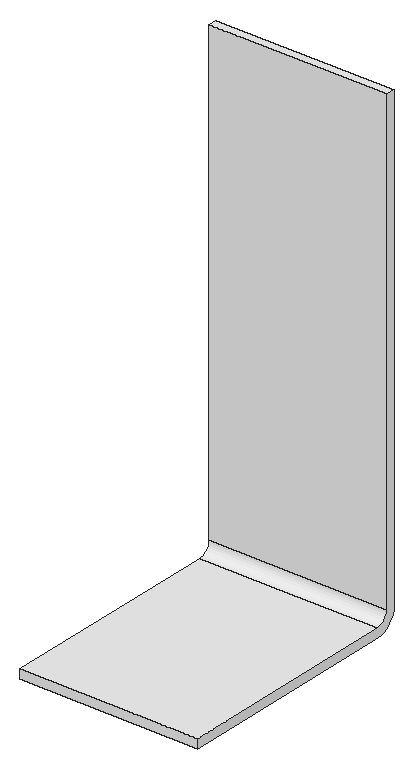
Revit family "JOMA_(4)433, (4)434 & (4)435", category Structural Connections, host Face, Revit 2012
Parameters (values of type "4330000")
  yr = ir + t  # 6.843 mm
  t = 3.000 mm
  l = 83.000 mm
  ir = t * 1.281  # 3.843 mm
  h = 163.000 mm
  b = 60.000 mm
  Vikt = "0,314"
  Typ = "VINKEL 433"
  Spikmönster 45°≤α≤90° [instance] = no
  Spikmönster 0°≤α≤45° [instance] = no
  Spik/skruv [instance] = "ANKARSPIK 4,0x40"
  Material = Varmförzinkad stålplåt
  Länk Joma Dimensioneringsverktyg = "http://www.joma.se/dimensioneringsverktyg"
  Default Elevation = 0.000 mm
  Antal spik/skruv i virkesdel B [instance] = if(and(Spikmönster 0°≤α≤45°, Vinkelbeslag 4433), 5, if(and(Spikmönster 45°≤α≤90°, Vinkelbeslag 4433), 5, if(and(Spikmönster 0°≤α≤45°, Vinkelbeslag 4434), 6, if(and(Spikmönster 45°≤α≤90°, Vinkelbeslag 4434), 6, if(and(Spikmönster 0°≤α≤45°, Vinkelbeslag 4435), 7, if(and(Spikmönster 45°≤α≤90°, Vinkelbeslag 4435), 7, 0))))))  # 0
  Antal spik/skruv i virkesdel A [instance] = if(and(Spikmönster 0°≤α≤45°, Vinkelbeslag 4433), 6, if(and(Spikmönster 45°≤α≤90°, Vinkelbeslag 4433), 6, if(and(Spikmönster 0°≤α≤45°, Vinkelbeslag 4434), 8, if(and(Spikmönster 45°≤α≤90°, Vinkelbeslag 4434), 6, if(and(Spikmönster 0°≤α≤45°, Vinkelbeslag 4435), 10, if(and(Spikmönster 45°≤α≤90°, Vinkelbeslag 4435), 9, 0))))))  # 0
  (4)435 Spikmönster 45°≤α≤90° [instance] = and(Vinkelbeslag 4435, Spikmönster 45°≤α≤90°, not(Spikmönster 0°≤α≤45°))  # no
  (4)435 Spikmönster 0°≤α≤45° [instance] = and(Vinkelbeslag 4435, Spikmönster 0°≤α≤45°, not(Spikmönster 45°≤α≤90°))  # no
  Vinkelbeslag 4435 = no
  (4)434 Spikmönster 45°≤α≤90° [instance] = and(Vinkelbeslag 4434, Spikmönster 45°≤α≤90°, not(Spikmönster 0°≤α≤45°))  # no
  (4)434 Spikmönster 0°≤α≤45° [instance] = and(Vinkelbeslag 4434, Spikmönster 0°≤α≤45°, not(Spikmönster 45°≤α≤90°))  # no
  Vinkelbeslag 4434 = no
  (4)433 Spikmönster 45°≤α≤90° [instance] = and(Vinkelbeslag 4433, Spikmönster 45°≤α≤90°, not(Spikmönster 0°≤α≤45°))  # no
  (4)433 Spikmönster 0°≤α≤45° [instance] = and(Vinkelbeslag 4433, Spikmönster 0°≤α≤45°, not(Spikmönster 45°≤α≤90°))  # no
  Vinkelbeslag 4433 = yes
Types (6, lengths in mm): name | yr | t | l | ir | h | b | Vikt | Typ | Spik/skruv | Vinkelbeslag 4435 | Vinkelbeslag 4434 | Vinkelbeslag 4433
  4340000 | 6.843 | 3.000 | 83.000 | 3.843 | 163.000 | 80.000 | "0,43" | "VINKEL 434" | "ANKARSPIK 4,0x40" | no | yes | no
  4330000 | 6.843 | 3.000 | 83.000 | 3.843 | 163.000 | 60.000 | "0,314" | "VINKEL 433" | "ANKARSPIK 4,0x40" | no | no | yes
  4350000 | 6.843 | 3.000 | 83.000 | 3.843 | 163.000 | 100.000 | "0,314" | "VINKEL 435" | "ANKARSPIK 4,0x40" | yes | no | no
  4433000 | 9.124 | 4.000 | 83.450 | 5.124 | 164.000 | 60.000 | "0,434" | "VINKEL 4433" | "ANKARSPIK 4,0x60" | no | no | yes
  4434000 | 9.124 | 4.000 | 83.450 | 5.124 | 164.000 | 80.000 | "0,572" | "VINKEL 4434" | "ANKARSPIK 4,0x60" | no | yes | no
  4435000 | 9.124 | 4.000 | 83.450 | 5.124 | 164.000 | 100.000 | "0,712" | "VINKEL 4435" | "ANKARSPIK 4,0x60" | yes | no | no
Reference planes
  plane 1 "Center (Front/Back)": y = 0
  plane 2: z = 0
  plane 3 "Center (Left/Right)": x = 0
  plane 4: x = -30
  plane 5: x = 30
  plane 6: y = -83
  plane 7: z = 163
Forms (mm)
  Extrusion 1, solid, material "Varmförzinkad stålplåt" <- "Material"
    sketch origin (0, 0, 0) x (0, 1, 0) y (0, 0, 1)
      loop
        line (0, 163) -> (-3, 163) -> (-3, 6.843)
        arc (-3, 6.843) -> (-4.126, 4.126) -> (-6.843, 3) r 3.843
        line (-6.843, 3) -> (-83, 3) -> (-83, 0) -> (-6.843, 0)
        arc (-6.843, 0) -> (-2.004, 2.004) -> (0, 6.843) r 6.843
        line (0, 6.843) -> (0, 163)
    from -30 to 30
Lines and regions (mm)
  symbolic lines, visible <- "Vinkelbeslag 4433"
    curve 1: circle (-20, -10, 0) r 2.5 normal (0, 0, 1)
    curve 2: circle (0, -10, 0) r 2.5 normal (0, 0, 1)
    curve 3: circle (20, -10, 0) r 2.5 normal (0, 0, 1)
    curve 4: circle (-10, -30, 0) r 2.5 normal (0, 0, 1)
    curve 5: circle (10, -30, 0) r 2.5 normal (0, 0, 1)
    curve 6: circle (-10, -70, 0) r 2.5 normal (0, 0, 1)
    curve 7: circle (10, -70, 0) r 2.5 normal (0, 0, 1)
    curve 55: circle (-20, 0, 150) r 2.5 normal (0, -1, 0)
    curve 56: circle (20, 0, 150) r 2.5 normal (0, -1, 0)
    curve 57: circle (-20, 0, 110) r 2.5 normal (0, -1, 0)
    curve 58: circle (20, 0, 110) r 2.5 normal (0, -1, 0)
    curve 59: circle (-20, 0, 70) r 2.5 normal (0, -1, 0)
    curve 60: circle (20, 0, 70) r 2.5 normal (0, -1, 0)
    curve 61: circle (-20, 0, 30) r 2.5 normal (0, -1, 0)
    curve 62: circle (20, 0, 30) r 2.5 normal (0, -1, 0)
  symbolic lines, visible <- "Vinkelbeslag 4434"
    curve 8: circle (-30, -10, 0) r 2.5 normal (0, 0, 1)
    curve 9: circle (-10, -10, 0) r 2.5 normal (0, 0, 1)
    curve 10: circle (10, -10, 0) r 2.5 normal (0, 0, 1)
    curve 11: circle (30, -10, 0) r 2.5 normal (0, 0, 1)
    curve 12: circle (0, -30, 0) r 2.5 normal (0, 0, 1)
    curve 13: circle (20, -30, 0) r 2.5 normal (0, 0, 1)
    curve 14: circle (-20, -30, 0) r 2.5 normal (0, 0, 1)
    curve 15: circle (-20, -70, 0) r 2.5 normal (0, 0, 1)
    curve 16: circle (20, -70, 0) r 2.5 normal (0, 0, 1)
    curve 71: circle (-30, 0, 150) r 2.5 normal (0, -1, 0)
    curve 72: circle (10, 0, 150) r 2.5 normal (0, -1, 0)
    curve 73: circle (0, 0, 130) r 2.5 normal (0, -1, 0)
    curve 74: circle (-10, 0, 110) r 2.5 normal (0, -1, 0)
    curve 75: circle (30, 0, 110) r 2.5 normal (0, -1, 0)
    curve 76: circle (0, 0, 90.076) r 2.5 normal (0, -1, 0)
    curve 77: circle (10, 0, 70) r 2.5 normal (0, -1, 0)
    curve 78: circle (-30, 0, 70) r 2.5 normal (0, -1, 0)
    curve 79: circle (0, 0, 50.076) r 2.5 normal (0, -1, 0)
    curve 80: circle (-10, 0, 30) r 2.5 normal (0, -1, 0)
    curve 81: circle (30, 0, 30) r 2.5 normal (0, -1, 0)
  symbolic lines, visible <- "Vinkelbeslag 4435"
    curve 17: circle (-40, -10, 0) r 2.5 normal (0, 0, 1)
    curve 18: circle (-20, -10, 0) r 2.5 normal (0, 0, 1)
    curve 19: circle (0, -10, 0) r 2.5 normal (0, 0, 1)
    curve 20: circle (20, -10, 0) r 2.5 normal (0, 0, 1)
    curve 21: circle (40, -10, 0) r 2.5 normal (0, 0, 1)
    curve 22: circle (30, -30, 0) r 2.5 normal (0, 0, 1)
    curve 23: circle (10, -30, 0) r 2.5 normal (0, 0, 1)
    curve 24: circle (-10, -30, 0) r 2.5 normal (0, 0, 1)
    curve 25: circle (-30, -30, 0) r 2.5 normal (0, 0, 1)
    curve 26: circle (-30, -70, 0) r 2.5 normal (0, 0, 1)
    curve 27: circle (30, -70, 0) r 2.5 normal (0, 0, 1)
    curve 93: circle (-40, 0, 150) r 2.5 normal (0, -1, 0)
    curve 94: circle (0, 0, 150) r 2.5 normal (0, -1, 0)
    curve 95: circle (40, 0, 150) r 2.5 normal (0, -1, 0)
    curve 96: circle (-40, 0, 110) r 2.5 normal (0, -1, 0)
    curve 97: circle (0, 0, 110) r 2.5 normal (0, -1, 0)
    curve 98: circle (40, 0, 110) r 2.5 normal (0, -1, 0)
    curve 99: circle (-40, 0, 70) r 2.5 normal (0, -1, 0)
    curve 100: circle (0, 0, 70) r 2.5 normal (0, -1, 0)
    curve 101: circle (40, 0, 70) r 2.5 normal (0, -1, 0)
    curve 102: circle (-40, 0, 30) r 2.5 normal (0, -1, 0)
    curve 103: circle (0, 0, 30) r 2.5 normal (0, -1, 0)
    curve 104: circle (40, 0, 30) r 2.5 normal (0, -1, 0)
  symbolic lines, visible <- "Vinkelbeslag 4433", not visible
    curve 28: circle (110, -10, 0) r 2.5 normal (0, 0, 1)
    curve 29: circle (130, -10, 0) r 2.5 normal (0, 0, 1)
    curve 30: circle (150, -10, 0) r 2.5 normal (0, 0, 1)
    curve 31: circle (120, -30, 0) r 2.5 normal (0, 0, 1)
    curve 32: circle (140, -30, 0) r 2.5 normal (0, 0, 1)
    curve 33: circle (120, -70, 0) r 2.5 normal (0, 0, 1)
    curve 34: circle (140, -70, 0) r 2.5 normal (0, 0, 1)
    curve 63: circle (-20, 0, 150) r 2.5 normal (0, -1, 0)
    curve 64: circle (20, 0, 150) r 2.5 normal (0, -1, 0)
    curve 65: circle (-20, 0, 110) r 2.5 normal (0, -1, 0)
    curve 66: circle (20, 0, 110) r 2.5 normal (0, -1, 0)
    curve 67: circle (-20, 0, 70) r 2.5 normal (0, -1, 0)
    curve 68: circle (20, 0, 70) r 2.5 normal (0, -1, 0)
    curve 69: circle (-20, 0, 30) r 2.5 normal (0, -1, 0)
    curve 70: circle (20, 0, 30) r 2.5 normal (0, -1, 0)
  symbolic lines, visible <- "Vinkelbeslag 4434", not visible
    curve 35: circle (180, -10, 0) r 2.5 normal (0, 0, 1)
    curve 36: circle (200, -10, 0) r 2.5 normal (0, 0, 1)
    curve 37: circle (220, -10, 0) r 2.5 normal (0, 0, 1)
    curve 38: circle (240, -10, 0) r 2.5 normal (0, 0, 1)
    curve 39: circle (210, -30, 0) r 2.5 normal (0, 0, 1)
    curve 40: circle (230, -30, 0) r 2.5 normal (0, 0, 1)
    curve 41: circle (190, -30, 0) r 2.5 normal (0, 0, 1)
    curve 42: circle (190, -70, 0) r 2.5 normal (0, 0, 1)
    curve 43: circle (230, -70, 0) r 2.5 normal (0, 0, 1)
    curve 82: circle (-30, 0, 150) r 2.5 normal (0, -1, 0)
    curve 83: circle (10, 0, 150) r 2.5 normal (0, -1, 0)
    curve 84: circle (0, 0, 130) r 2.5 normal (0, -1, 0)
    curve 85: circle (-10, 0, 110) r 2.5 normal (0, -1, 0)
    curve 86: circle (30, 0, 110) r 2.5 normal (0, -1, 0)
    curve 87: circle (0, 0, 90.076) r 2.5 normal (0, -1, 0)
    curve 88: circle (10, 0, 70) r 2.5 normal (0, -1, 0)
    curve 89: circle (-30, 0, 70) r 2.5 normal (0, -1, 0)
    curve 90: circle (0, 0, 50.076) r 2.5 normal (0, -1, 0)
    curve 91: circle (-10, 0, 30) r 2.5 normal (0, -1, 0)
    curve 92: circle (30, 0, 30) r 2.5 normal (0, -1, 0)
  symbolic lines, visible <- "Vinkelbeslag 4435", not visible
    curve 44: circle (-40, -10, 0) r 2.5 normal (0, 0, 1)
    curve 45: circle (-20, -10, 0) r 2.5 normal (0, 0, 1)
    curve 46: circle (0, -10, 0) r 2.5 normal (0, 0, 1)
    curve 47: circle (20, -10, 0) r 2.5 normal (0, 0, 1)
    curve 48: circle (40, -10, 0) r 2.5 normal (0, 0, 1)
    curve 49: circle (30, -30, 0) r 2.5 normal (0, 0, 1)
    curve 50: circle (10, -30, 0) r 2.5 normal (0, 0, 1)
    curve 51: circle (-10, -30, 0) r 2.5 normal (0, 0, 1)
    curve 52: circle (-30, -30, 0) r 2.5 normal (0, 0, 1)
    curve 53: circle (-30, -70, 0) r 2.5 normal (0, 0, 1)
    curve 54: circle (30, -70, 0) r 2.5 normal (0, 0, 1)
    curve 105: circle (-40, 0, 150) r 2.5 normal (0, -1, 0)
    curve 106: circle (0, 0, 150) r 2.5 normal (0, -1, 0)
    curve 107: circle (40, 0, 150) r 2.5 normal (0, -1, 0)
    curve 108: circle (-40, 0, 110) r 2.5 normal (0, -1, 0)
    curve 109: circle (0, 0, 110) r 2.5 normal (0, -1, 0)
    curve 110: circle (40, 0, 110) r 2.5 normal (0, -1, 0)
    curve 111: circle (-40, 0, 70) r 2.5 normal (0, -1, 0)
    curve 112: circle (0, 0, 70) r 2.5 normal (0, -1, 0)
    curve 113: circle (40, 0, 70) r 2.5 normal (0, -1, 0)
    curve 114: circle (-40, 0, 30) r 2.5 normal (0, -1, 0)
    curve 115: circle (0, 0, 30) r 2.5 normal (0, -1, 0)
    curve 116: circle (40, 0, 30) r 2.5 normal (0, -1, 0)
Text (mm)
  text "Virkesdel B" at (62.139, -25.9, 0), in view "Ref. Level"
  text "Virkesdel A" at (102.53, 0, 92.387), in view "Front"
Dimensions and locks
  "b": plane 5 to plane 4
  "l": plane 1 "Center (Front/Back)" to plane 6
  "h": plane 7 to host face
  equal spacing: plane 5, plane 3 "Center (Left/Right)", plane 4
  "t": plane 1 "Center (Front/Back)" to Extrusion 1
  "t": Extrusion 1 to host face
  "ir": radius of Extrusion 1 sketch curve
  "yr": radius of Extrusion 1 sketch curve
  aligned and locked: plane 2 to host face
  aligned and locked: level to host face
  aligned and locked: plane 5 to Extrusion 1
  aligned and locked: Extrusion 1 to plane 4
  aligned and locked: Extrusion 1 to plane 6
  aligned and locked: plane 7 to Extrusion 1
Automatic sketch dimensions
  host sketch curve to host sketch curve = 2438.400 mm  (x2)
  Extrusion 1 sketch curve to plane 6 = 0.000 mm
  Extrusion 1 sketch curve to level = 0.000 mm
  Extrusion 1 sketch curve to plane 7 = 0.000 mm
  Extrusion 1 sketch curve to plane 1 "Center (Front/Back)" = 0.000 mm
  Extrusion 1 sketch curve to Extrusion 1 sketch curve = 0.000 mm
  level to Extrusion 1 sketch curve = 3.000 mm
Nested families
  nested 1: "Spikmönster" at (-20, 0, 150) x (1, 0, 0) z (0, -1, 0), visible <- "(4)433 Spikmönster 0°≤α≤45°", type "Ø5"
  nested 2: "Spikmönster" at (20, 0, 150) x (1, 0, 0) z (0, -1, 0), visible <- "(4)433 Spikmönster 0°≤α≤45°", type "Ø5"
  nested 3: "Spikmönster" at (-20, 0, 70) x (1, 0, 0) z (0, -1, 0), visible <- "(4)433 Spikmönster 0°≤α≤45°", type "Ø5"
  nested 4: "Spikmönster" at (20, 0, 70) x (1, 0, 0) z (0, -1, 0), visible <- "(4)433 Spikmönster 0°≤α≤45°", type "Ø5"
  nested 5: "Spikmönster" at (-20, 0, 30) x (1, 0, 0) z (0, -1, 0), visible <- "(4)433 Spikmönster 0°≤α≤45°", type "Ø5"
  nested 6: "Spikmönster" at (20, 0, 30) x (1, 0, 0) z (0, -1, 0), visible <- "(4)433 Spikmönster 0°≤α≤45°", type "Ø5"
  nested 7: "Spikmönster" at (-20, 0, 150) x (1, 0, 0) z (0, -1, 0), visible <- "(4)433 Spikmönster 45°≤α≤90°", type "Ø5"
  nested 8: "Spikmönster" at (20, 0, 150) x (1, 0, 0) z (0, -1, 0), visible <- "(4)433 Spikmönster 45°≤α≤90°", type "Ø5"
  nested 9: "Spikmönster" at (-20, 0, 110) x (1, 0, 0) z (0, -1, 0), visible <- "(4)433 Spikmönster 45°≤α≤90°", type "Ø5"
  nested 10: "Spikmönster" at (20, 0, 110) x (1, 0, 0) z (0, -1, 0), visible <- "(4)433 Spikmönster 45°≤α≤90°", type "Ø5"
  nested 11: "Spikmönster" at (-20, 0, 70) x (1, 0, 0) z (0, -1, 0), visible <- "(4)433 Spikmönster 45°≤α≤90°", type "Ø5"
  nested 12: "Spikmönster" at (20, 0, 70) x (1, 0, 0) z (0, -1, 0), visible <- "(4)433 Spikmönster 45°≤α≤90°", type "Ø5"
  nested 13: "Spikmönster" at (-30, 0, 150) x (1, 0, 0) z (0, -1, 0), visible <- "(4)434 Spikmönster 0°≤α≤45°", type "Ø5"
  nested 14: "Spikmönster" at (10, 0, 150) x (1, 0, 0) z (0, -1, 0), visible <- "(4)434 Spikmönster 0°≤α≤45°", type "Ø5"
  nested 15: "Spikmönster" at (-10, 0, 110) x (1, 0, 0) z (0, -1, 0), visible <- "(4)434 Spikmönster 0°≤α≤45°", type "Ø5"
  nested 16: "Spikmönster" at (10, 0, 70) x (1, 0, 0) z (0, -1, 0), visible <- "(4)434 Spikmönster 0°≤α≤45°", type "Ø5"
  nested 17: "Spikmönster" at (-10, 0, 30) x (1, 0, 0) z (0, -1, 0), visible <- "(4)434 Spikmönster 0°≤α≤45°", type "Ø5"
  nested 18: "Spikmönster" at (30, 0, 30) x (1, 0, 0) z (0, -1, 0), visible <- "(4)434 Spikmönster 0°≤α≤45°", type "Ø5"
  nested 19: "Spikmönster" at (-30, 0, 150) x (1, 0, 0) z (0, -1, 0), visible <- "(4)434 Spikmönster 45°≤α≤90°", type "Ø5"
  nested 20: "Spikmönster" at (10, 0, 150) x (1, 0, 0) z (0, -1, 0), visible <- "(4)434 Spikmönster 45°≤α≤90°", type "Ø5"
  nested 21: "Spikmönster" at (-10, 0, 110) x (1, 0, 0) z (0, -1, 0), visible <- "(4)434 Spikmönster 45°≤α≤90°", type "Ø5"
  nested 22: "Spikmönster" at (30, 0, 110) x (1, 0, 0) z (0, -1, 0), visible <- "(4)434 Spikmönster 45°≤α≤90°", type "Ø5"
  nested 23: "Spikmönster" at (10, 0, 70) x (1, 0, 0) z (0, -1, 0), visible <- "(4)434 Spikmönster 45°≤α≤90°", type "Ø5"
  nested 24: "Spikmönster" at (-30, 0, 70) x (1, 0, 0) z (0, -1, 0), visible <- "(4)434 Spikmönster 45°≤α≤90°", type "Ø5"
  nested 25: "Spikmönster" at (-40, 0, 150) x (1, 0, 0) z (0, -1, 0), visible <- "(4)435 Spikmönster 0°≤α≤45°", type "Ø5"
  nested 26: "Spikmönster" at (-40, 0, 110) x (1, 0, 0) z (0, -1, 0), visible <- "(4)435 Spikmönster 0°≤α≤45°", type "Ø5"
  nested 27: "Spikmönster" at (-40, 0, 70) x (1, 0, 0) z (0, -1, 0), visible <- "(4)435 Spikmönster 0°≤α≤45°", type "Ø5"
  nested 28: "Spikmönster" at (-40, 0, 30) x (1, 0, 0) z (0, -1, 0), visible <- "(4)435 Spikmönster 0°≤α≤45°", type "Ø5"
  nested 29: "Spikmönster" at (0, 0, 70) x (1, 0, 0) z (0, -1, 0), visible <- "(4)435 Spikmönster 0°≤α≤45°", type "Ø5"
  nested 30: "Spikmönster" at (0, 0, 30) x (1, 0, 0) z (0, -1, 0), visible <- "(4)435 Spikmönster 0°≤α≤45°", type "Ø5"
  nested 31: "Spikmönster" at (40, 0, 30) x (1, 0, 0) z (0, -1, 0), visible <- "(4)435 Spikmönster 0°≤α≤45°", type "Ø5"
  nested 32: "Spikmönster" at (40, 0, 70) x (1, 0, 0) z (0, -1, 0), visible <- "(4)435 Spikmönster 0°≤α≤45°", type "Ø5"
  nested 33: "Spikmönster" at (40, 0, 110) x (1, 0, 0) z (0, -1, 0), visible <- "(4)435 Spikmönster 0°≤α≤45°", type "Ø5"
  nested 34: "Spikmönster" at (40, 0, 150) x (1, 0, 0) z (0, -1, 0), visible <- "(4)435 Spikmönster 0°≤α≤45°", type "Ø5"
  nested 35: "Spikmönster" at (-40, 0, 150) x (1, 0, 0) z (0, -1, 0), visible <- "(4)435 Spikmönster 45°≤α≤90°", type "Ø5"
  nested 36: "Spikmönster" at (0, 0, 150) x (1, 0, 0) z (0, -1, 0), visible <- "(4)435 Spikmönster 45°≤α≤90°", type "Ø5"
  nested 37: "Spikmönster" at (40, 0, 150) x (1, 0, 0) z (0, -1, 0), visible <- "(4)435 Spikmönster 45°≤α≤90°", type "Ø5"
  nested 38: "Spikmönster" at (40, 0, 110) x (1, 0, 0) z (0, -1, 0), visible <- "(4)435 Spikmönster 45°≤α≤90°", type "Ø5"
  nested 39: "Spikmönster" at (0, 0, 110) x (1, 0, 0) z (0, -1, 0), visible <- "(4)435 Spikmönster 45°≤α≤90°", type "Ø5"
  nested 40: "Spikmönster" at (-40, 0, 110) x (1, 0, 0) z (0, -1, 0), visible <- "(4)435 Spikmönster 45°≤α≤90°", type "Ø5"
  nested 41: "Spikmönster" at (-40, 0, 70) x (1, 0, 0) z (0, -1, 0), visible <- "(4)435 Spikmönster 45°≤α≤90°", type "Ø5"
  nested 42: "Spikmönster" at (0, 0, 70) x (1, 0, 0) z (0, -1, 0), visible <- "(4)435 Spikmönster 45°≤α≤90°", type "Ø5"
  nested 43: "Spikmönster" at (40, 0, 70) x (1, 0, 0) z (0, -1, 0), visible <- "(4)435 Spikmönster 45°≤α≤90°", type "Ø5"
  nested 44: "Spikmönster" at (-20, -10, 0), visible <- "(4)433 Spikmönster 0°≤α≤45°", type "Ø5"
  nested 45: "Spikmönster" at (0, -10, 0), visible <- "(4)433 Spikmönster 0°≤α≤45°", type "Ø5"
  nested 46: "Spikmönster" at (20, -10, 0), visible <- "(4)433 Spikmönster 0°≤α≤45°", type "Ø5"
  nested 47: "Spikmönster" at (10, -70, 0), visible <- "(4)433 Spikmönster 0°≤α≤45°", type "Ø5"
  nested 48: "Spikmönster" at (-10, -70, 0), visible <- "(4)433 Spikmönster 0°≤α≤45°", type "Ø5"
  nested 49: "Spikmönster" at (-20, -10, 0), visible <- "(4)433 Spikmönster 45°≤α≤90°", type "Ø5"
  nested 50: "Spikmönster" at (0, -10, 0), visible <- "(4)433 Spikmönster 45°≤α≤90°", type "Ø5"
  nested 51: "Spikmönster" at (20, -10, 0), visible <- "(4)433 Spikmönster 45°≤α≤90°", type "Ø5"
  nested 52: "Spikmönster" at (10, -70, 0), visible <- "(4)433 Spikmönster 45°≤α≤90°", type "Ø5"
  nested 53: "Spikmönster" at (-10, -70, 0), visible <- "(4)433 Spikmönster 45°≤α≤90°", type "Ø5"
  nested 54: "Spikmönster" at (-30, -10, 0), visible <- "(4)434 Spikmönster 0°≤α≤45°", type "Ø5"
  nested 55: "Spikmönster" at (-10, -10, 0), visible <- "(4)434 Spikmönster 0°≤α≤45°", type "Ø5"
  nested 56: "Spikmönster" at (10, -10, 0), visible <- "(4)434 Spikmönster 0°≤α≤45°", type "Ø5"
  nested 57: "Spikmönster" at (30, -10, 0), visible <- "(4)434 Spikmönster 0°≤α≤45°", type "Ø5"
  nested 58: "Spikmönster" at (20, -70, 0), visible <- "(4)434 Spikmönster 0°≤α≤45°", type "Ø5"
  nested 59: "Spikmönster" at (-20, -70, 0), visible <- "(4)434 Spikmönster 0°≤α≤45°", type "Ø5"
  nested 60: "Spikmönster" at (-30, -10, 0), visible <- "(4)434 Spikmönster 45°≤α≤90°", type "Ø5"
  nested 61: "Spikmönster" at (-10, -10, 0), visible <- "(4)434 Spikmönster 45°≤α≤90°", type "Ø5"
  nested 62: "Spikmönster" at (10, -10, 0), visible <- "(4)434 Spikmönster 45°≤α≤90°", type "Ø5"
  nested 63: "Spikmönster" at (30, -10, 0), visible <- "(4)434 Spikmönster 45°≤α≤90°", type "Ø5"
  nested 64: "Spikmönster" at (20, -70, 0), visible <- "(4)434 Spikmönster 45°≤α≤90°", type "Ø5"
  nested 65: "Spikmönster" at (-20, -70, 0), visible <- "(4)434 Spikmönster 45°≤α≤90°", type "Ø5"
  nested 66: "Spikmönster" at (-40, -10, 0), visible <- "(4)435 Spikmönster 0°≤α≤45°", type "Ø5"
  nested 67: "Spikmönster" at (-20, -10, 0), visible <- "(4)435 Spikmönster 0°≤α≤45°", type "Ø5"
  nested 68: "Spikmönster" at (0, -10, 0), visible <- "(4)435 Spikmönster 0°≤α≤45°", type "Ø5"
  nested 69: "Spikmönster" at (20, -10, 0), visible <- "(4)435 Spikmönster 0°≤α≤45°", type "Ø5"
  nested 70: "Spikmönster" at (40, -10, 0), visible <- "(4)435 Spikmönster 0°≤α≤45°", type "Ø5"
  nested 71: "Spikmönster" at (30, -70, 0), visible <- "(4)435 Spikmönster 0°≤α≤45°", type "Ø5"
  nested 72: "Spikmönster" at (-30, -70, 0), visible <- "(4)435 Spikmönster 0°≤α≤45°", type "Ø5"
  nested 73: "Spikmönster" at (-40, -10, 0), visible <- "(4)435 Spikmönster 45°≤α≤90°", type "Ø5"
  nested 74: "Spikmönster" at (-20, -10, 0), visible <- "(4)435 Spikmönster 45°≤α≤90°", type "Ø5"
  nested 75: "Spikmönster" at (0, -10, 0), visible <- "(4)435 Spikmönster 45°≤α≤90°", type "Ø5"
  nested 76: "Spikmönster" at (20, -10, 0), visible <- "(4)435 Spikmönster 45°≤α≤90°", type "Ø5"
  nested 77: "Spikmönster" at (40, -10, 0), visible <- "(4)435 Spikmönster 45°≤α≤90°", type "Ø5"
  nested 78: "Spikmönster" at (30, -70, 0), visible <- "(4)435 Spikmönster 45°≤α≤90°", type "Ø5"
  nested 79: "Spikmönster" at (-30, -70, 0), visible <- "(4)435 Spikmönster 45°≤α≤90°", type "Ø5"
  nested 80: "Spikmönster" at (30, 0, 110) x (1, 0, 0) z (0, -1, 0), visible <- "(4)434 Spikmönster 0°≤α≤45°", type "Ø5"
  nested 81: "Spikmönster" at (-30, 0, 70) x (1, 0, 0) z (0, -1, 0), visible <- "(4)434 Spikmönster 0°≤α≤45°", type "Ø5"
  nested 82: "Spikmönster" at (110, -10, 0), visible <- "(4)433 Spikmönster 0°≤α≤45°", type "Ø5", not visible
  nested 83: "Spikmönster" at (130, -10, 0), visible <- "(4)433 Spikmönster 0°≤α≤45°", type "Ø5", not visible
  nested 84: "Spikmönster" at (150, -10, 0), visible <- "(4)433 Spikmönster 0°≤α≤45°", type "Ø5", not visible
  nested 85: "Spikmönster" at (140, -70, 0), visible <- "(4)433 Spikmönster 0°≤α≤45°", type "Ø5", not visible
  nested 86: "Spikmönster" at (120, -70, 0), visible <- "(4)433 Spikmönster 0°≤α≤45°", type "Ø5", not visible
  nested 87: "Spikmönster" at (110, -10, 0), visible <- "(4)433 Spikmönster 45°≤α≤90°", type "Ø5", not visible
  nested 88: "Spikmönster" at (130, -10, 0), visible <- "(4)433 Spikmönster 45°≤α≤90°", type "Ø5", not visible
  nested 89: "Spikmönster" at (150, -10, 0), visible <- "(4)433 Spikmönster 45°≤α≤90°", type "Ø5", not visible
  nested 90: "Spikmönster" at (140, -70, 0), visible <- "(4)433 Spikmönster 45°≤α≤90°", type "Ø5", not visible
  nested 91: "Spikmönster" at (120, -70, 0), visible <- "(4)433 Spikmönster 45°≤α≤90°", type "Ø5", not visible
  nested 92: "Spikmönster" at (180, -10, 0), visible <- "(4)434 Spikmönster 0°≤α≤45°", type "Ø5", not visible
  nested 93: "Spikmönster" at (200, -10, 0), visible <- "(4)434 Spikmönster 0°≤α≤45°", type "Ø5", not visible
  nested 94: "Spikmönster" at (220, -10, 0), visible <- "(4)434 Spikmönster 0°≤α≤45°", type "Ø5", not visible
  nested 95: "Spikmönster" at (240, -10, 0), visible <- "(4)434 Spikmönster 0°≤α≤45°", type "Ø5", not visible
  nested 96: "Spikmönster" at (230, -70, 0), visible <- "(4)434 Spikmönster 0°≤α≤45°", type "Ø5", not visible
  nested 97: "Spikmönster" at (190, -70, 0), visible <- "(4)434 Spikmönster 0°≤α≤45°", type "Ø5", not visible
  nested 98: "Spikmönster" at (180, -10, 0), visible <- "(4)434 Spikmönster 45°≤α≤90°", type "Ø5", not visible
  nested 99: "Spikmönster" at (200, -10, 0), visible <- "(4)434 Spikmönster 45°≤α≤90°", type "Ø5", not visible
  nested 100: "Spikmönster" at (220, -10, 0), visible <- "(4)434 Spikmönster 45°≤α≤90°", type "Ø5", not visible
  nested 101: "Spikmönster" at (240, -10, 0), visible <- "(4)434 Spikmönster 45°≤α≤90°", type "Ø5", not visible
  nested 102: "Spikmönster" at (230, -70, 0), visible <- "(4)434 Spikmönster 45°≤α≤90°", type "Ø5", not visible
  nested 103: "Spikmönster" at (190, -70, 0), visible <- "(4)434 Spikmönster 45°≤α≤90°", type "Ø5", not visible
  nested 104: "Spikmönster" at (-40, -10, 0), visible <- "(4)435 Spikmönster 0°≤α≤45°", type "Ø5", not visible
  nested 105: "Spikmönster" at (-20, -10, 0), visible <- "(4)435 Spikmönster 0°≤α≤45°", type "Ø5", not visible
  nested 106: "Spikmönster" at (0, -10, 0), visible <- "(4)435 Spikmönster 0°≤α≤45°", type "Ø5", not visible
  nested 107: "Spikmönster" at (20, -10, 0), visible <- "(4)435 Spikmönster 0°≤α≤45°", type "Ø5", not visible
  nested 108: "Spikmönster" at (40, -10, 0), visible <- "(4)435 Spikmönster 0°≤α≤45°", type "Ø5", not visible
  nested 109: "Spikmönster" at (30, -70, 0), visible <- "(4)435 Spikmönster 0°≤α≤45°", type "Ø5", not visible
  nested 110: "Spikmönster" at (-30, -70, 0), visible <- "(4)435 Spikmönster 0°≤α≤45°", type "Ø5", not visible
  nested 111: "Spikmönster" at (-40, -10, 0), visible <- "(4)435 Spikmönster 45°≤α≤90°", type "Ø5", not visible
  nested 112: "Spikmönster" at (-20, -10, 0), visible <- "(4)435 Spikmönster 45°≤α≤90°", type "Ø5", not visible
  nested 113: "Spikmönster" at (0, -10, 0), visible <- "(4)435 Spikmönster 45°≤α≤90°", type "Ø5", not visible
  nested 114: "Spikmönster" at (20, -10, 0), visible <- "(4)435 Spikmönster 45°≤α≤90°", type "Ø5", not visible
  nested 115: "Spikmönster" at (40, -10, 0), visible <- "(4)435 Spikmönster 45°≤α≤90°", type "Ø5", not visible
  nested 116: "Spikmönster" at (30, -70, 0), visible <- "(4)435 Spikmönster 45°≤α≤90°", type "Ø5", not visible
  nested 117: "Spikmönster" at (-30, -70, 0), visible <- "(4)435 Spikmönster 45°≤α≤90°", type "Ø5", not visible
  nested 118: "Spikmönster" at (-20, 0, 150) x (1, 0, 0) z (0, -1, 0), visible <- "(4)433 Spikmönster 0°≤α≤45°", type "Ø5", not visible
  nested 119: "Spikmönster" at (20, 0, 150) x (1, 0, 0) z (0, -1, 0), visible <- "(4)433 Spikmönster 0°≤α≤45°", type "Ø5", not visible
  nested 120: "Spikmönster" at (-20, 0, 70) x (1, 0, 0) z (0, -1, 0), visible <- "(4)433 Spikmönster 0°≤α≤45°", type "Ø5", not visible
  nested 121: "Spikmönster" at (20, 0, 70) x (1, 0, 0) z (0, -1, 0), visible <- "(4)433 Spikmönster 0°≤α≤45°", type "Ø5", not visible
  nested 122: "Spikmönster" at (-20, 0, 30) x (1, 0, 0) z (0, -1, 0), visible <- "(4)433 Spikmönster 0°≤α≤45°", type "Ø5", not visible
  nested 123: "Spikmönster" at (20, 0, 30) x (1, 0, 0) z (0, -1, 0), visible <- "(4)433 Spikmönster 0°≤α≤45°", type "Ø5", not visible
  nested 124: "Spikmönster" at (-20, 0, 150) x (1, 0, 0) z (0, -1, 0), visible <- "(4)433 Spikmönster 45°≤α≤90°", type "Ø5", not visible
  nested 125: "Spikmönster" at (20, 0, 150) x (1, 0, 0) z (0, -1, 0), visible <- "(4)433 Spikmönster 45°≤α≤90°", type "Ø5", not visible
  nested 126: "Spikmönster" at (-20, 0, 110) x (1, 0, 0) z (0, -1, 0), visible <- "(4)433 Spikmönster 45°≤α≤90°", type "Ø5", not visible
  nested 127: "Spikmönster" at (20, 0, 110) x (1, 0, 0) z (0, -1, 0), visible <- "(4)433 Spikmönster 45°≤α≤90°", type "Ø5", not visible
  nested 128: "Spikmönster" at (-20, 0, 70) x (1, 0, 0) z (0, -1, 0), visible <- "(4)433 Spikmönster 45°≤α≤90°", type "Ø5", not visible
  nested 129: "Spikmönster" at (20, 0, 70) x (1, 0, 0) z (0, -1, 0), visible <- "(4)433 Spikmönster 45°≤α≤90°", type "Ø5", not visible
  nested 130: "Spikmönster" at (-30, 0, 150) x (1, 0, 0) z (0, -1, 0), visible <- "(4)434 Spikmönster 0°≤α≤45°", type "Ø5", not visible
  nested 131: "Spikmönster" at (10, 0, 150) x (1, 0, 0) z (0, -1, 0), visible <- "(4)434 Spikmönster 0°≤α≤45°", type "Ø5", not visible
  nested 132: "Spikmönster" at (-10, 0, 110) x (1, 0, 0) z (0, -1, 0), visible <- "(4)434 Spikmönster 0°≤α≤45°", type "Ø5", not visible
  nested 133: "Spikmönster" at (10, 0, 70) x (1, 0, 0) z (0, -1, 0), visible <- "(4)434 Spikmönster 0°≤α≤45°", type "Ø5", not visible
  nested 134: "Spikmönster" at (-10, 0, 30) x (1, 0, 0) z (0, -1, 0), visible <- "(4)434 Spikmönster 0°≤α≤45°", type "Ø5", not visible
  nested 135: "Spikmönster" at (30, 0, 30) x (1, 0, 0) z (0, -1, 0), visible <- "(4)434 Spikmönster 0°≤α≤45°", type "Ø5", not visible
  nested 136: "Spikmönster" at (-30, 0, 150) x (1, 0, 0) z (0, -1, 0), visible <- "(4)434 Spikmönster 45°≤α≤90°", type "Ø5", not visible
  nested 137: "Spikmönster" at (10, 0, 150) x (1, 0, 0) z (0, -1, 0), visible <- "(4)434 Spikmönster 45°≤α≤90°", type "Ø5", not visible
  nested 138: "Spikmönster" at (-10, 0, 110) x (1, 0, 0) z (0, -1, 0), visible <- "(4)434 Spikmönster 45°≤α≤90°", type "Ø5", not visible
  nested 139: "Spikmönster" at (30, 0, 110) x (1, 0, 0) z (0, -1, 0), visible <- "(4)434 Spikmönster 45°≤α≤90°", type "Ø5", not visible
  nested 140: "Spikmönster" at (10, 0, 70) x (1, 0, 0) z (0, -1, 0), visible <- "(4)434 Spikmönster 45°≤α≤90°", type "Ø5", not visible
  nested 141: "Spikmönster" at (-30, 0, 70) x (1, 0, 0) z (0, -1, 0), visible <- "(4)434 Spikmönster 45°≤α≤90°", type "Ø5", not visible
  nested 142: "Spikmönster" at (30, 0, 110) x (1, 0, 0) z (0, -1, 0), visible <- "(4)434 Spikmönster 0°≤α≤45°", type "Ø5", not visible
  nested 143: "Spikmönster" at (-30, 0, 70) x (1, 0, 0) z (0, -1, 0), visible <- "(4)434 Spikmönster 0°≤α≤45°", type "Ø5", not visible
  nested 144: "Spikmönster" at (-40, 0, 150) x (1, 0, 0) z (0, -1, 0), visible <- "(4)435 Spikmönster 0°≤α≤45°", type "Ø5", not visible
  nested 145: "Spikmönster" at (-40, 0, 110) x (1, 0, 0) z (0, -1, 0), visible <- "(4)435 Spikmönster 0°≤α≤45°", type "Ø5", not visible
  nested 146: "Spikmönster" at (-40, 0, 70) x (1, 0, 0) z (0, -1, 0), visible <- "(4)435 Spikmönster 0°≤α≤45°", type "Ø5", not visible
  nested 147: "Spikmönster" at (-40, 0, 30) x (1, 0, 0) z (0, -1, 0), visible <- "(4)435 Spikmönster 0°≤α≤45°", type "Ø5", not visible
  nested 148: "Spikmönster" at (0, 0, 70) x (1, 0, 0) z (0, -1, 0), visible <- "(4)435 Spikmönster 0°≤α≤45°", type "Ø5", not visible
  nested 149: "Spikmönster" at (0, 0, 30) x (1, 0, 0) z (0, -1, 0), visible <- "(4)435 Spikmönster 0°≤α≤45°", type "Ø5", not visible
  nested 150: "Spikmönster" at (40, 0, 30) x (1, 0, 0) z (0, -1, 0), visible <- "(4)435 Spikmönster 0°≤α≤45°", type "Ø5", not visible
  nested 151: "Spikmönster" at (40, 0, 70) x (1, 0, 0) z (0, -1, 0), visible <- "(4)435 Spikmönster 0°≤α≤45°", type "Ø5", not visible
  nested 152: "Spikmönster" at (40, 0, 110) x (1, 0, 0) z (0, -1, 0), visible <- "(4)435 Spikmönster 0°≤α≤45°", type "Ø5", not visible
  nested 153: "Spikmönster" at (40, 0, 150) x (1, 0, 0) z (0, -1, 0), visible <- "(4)435 Spikmönster 0°≤α≤45°", type "Ø5", not visible
  nested 154: "Spikmönster" at (-40, 0, 150) x (1, 0, 0) z (0, -1, 0), visible <- "(4)435 Spikmönster 45°≤α≤90°", type "Ø5", not visible
  nested 155: "Spikmönster" at (0, 0, 150) x (1, 0, 0) z (0, -1, 0), visible <- "(4)435 Spikmönster 45°≤α≤90°", type "Ø5", not visible
  nested 156: "Spikmönster" at (40, 0, 150) x (1, 0, 0) z (0, -1, 0), visible <- "(4)435 Spikmönster 45°≤α≤90°", type "Ø5", not visible
  nested 157: "Spikmönster" at (40, 0, 110) x (1, 0, 0) z (0, -1, 0), visible <- "(4)435 Spikmönster 45°≤α≤90°", type "Ø5", not visible
  nested 158: "Spikmönster" at (0, 0, 110) x (1, 0, 0) z (0, -1, 0), visible <- "(4)435 Spikmönster 45°≤α≤90°", type "Ø5", not visible
  nested 159: "Spikmönster" at (-40, 0, 110) x (1, 0, 0) z (0, -1, 0), visible <- "(4)435 Spikmönster 45°≤α≤90°", type "Ø5", not visible
  nested 160: "Spikmönster" at (-40, 0, 70) x (1, 0, 0) z (0, -1, 0), visible <- "(4)435 Spikmönster 45°≤α≤90°", type "Ø5", not visible
  nested 161: "Spikmönster" at (0, 0, 70) x (1, 0, 0) z (0, -1, 0), visible <- "(4)435 Spikmönster 45°≤α≤90°", type "Ø5", not visible
  nested 162: "Spikmönster" at (40, 0, 70) x (1, 0, 0) z (0, -1, 0), visible <- "(4)435 Spikmönster 45°≤α≤90°", type "Ø5", not visible
Definition of nested family "Spikmönster"
  Parameters (values of type "Ø11")
    Radie = 5.500 mm
  Types (3, lengths in mm): name | Radie
    (no name) | 5.500
    Ø5 | 2.500
    Ø11 | 5.500
  Reference planes
    plane 1 "Center (Front/Back)": y = 0
    plane 2: z = 0
    plane 3 "Center (Left/Right)": x = 0
  Lines and regions (mm)
    Filled region 1, type "Solid Fill - Black", in view "Ref. Level"
      outline origin (0, 0, 0) x (1, 0, 0) y (0, 1, 0)
        loop
          circle (0, 0) r 5.5
  Dimensions and locks
    "Radie": radius of Filled region 1 sketch curve
  Automatic sketch dimensions
    plane 1 "Center (Front/Back)" to Filled region 1 sketch curve = 0.000 mm
    Filled region 1 sketch curve to plane 3 "Center (Left/Right)" = 0.000 mm
